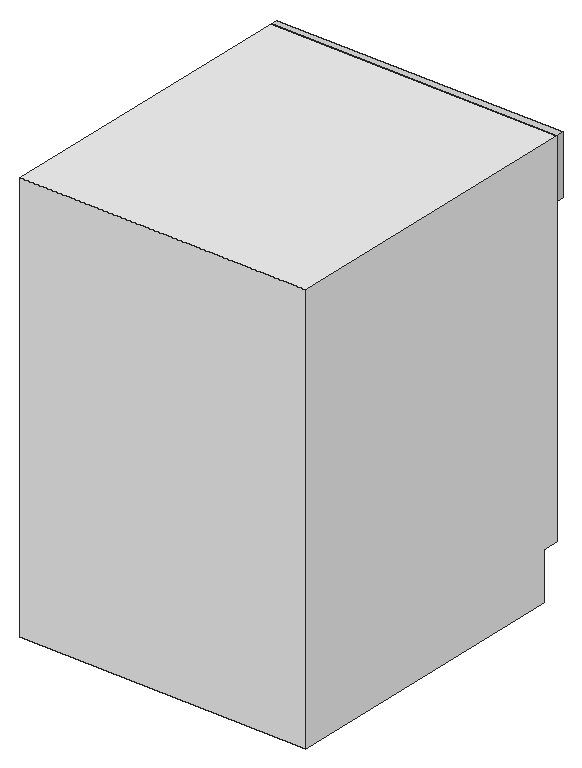
Revit family
Parameters (values of type "600 x 660 x 864mm")
  Label = "DW"
  Depth = 660 mm
  Material = Metal - Steel
  Height = 864 mm
  Plinth Depth = 35 mm
  Plinth Height = 100 mm
  Width = 600 mm
Types (4, lengths in mm): name | Depth | Height | Plinth Height | Width
  (no name) | 660 | 864 | 100 | 600
  596 x 860 x 550mm | 550 | 900 | 160 | 596
  446 x 860 x 550mm | 550 | 900 | 160 | 446
  600 x 660 x 864mm | 660 | 864 | 100 | 600
Reference planes
  plane 1: y = 0
  plane 2 "Center": x = -151.314
  plane 3: y = 786.2
  plane 4 "Right": x = 148.686
  plane 5 "Left": x = -451.314
  plane 6: y = 126.2
  plane 7: z = 100
  plane 8: y = 751.2
  plane 9: z = 864
  plane 10: z = 783.128
  plane 11: x = -76.314
  plane 12: x = -226.314
  plane 13: z = 827.128
  plane 14: z = 805.128
  plane 15: x = -376.314
  plane 16: x = 119.995
  plane 17: x = 84.995
  plane 18: x = 49.995
  plane 19: x = 14.995
  plane 20: y = 456.2
Forms (mm)
  Extrusion 1, solid, material "Metal - Steel" <- "Material"
    sketch origin (-451.314, 0, 0) x (0, -1, 0) y (0, 0, 1)
      loop
        line (-126.2, 864) -> (-786.2, 864) -> (-786.2, 100) -> (-751.2, 100) -> (-751.2, 0) -> (-126.2, 0) -> (-126.2, 864)
    from -600 to 0
  Extrusion 2, solid, material "Metal - Stainless Steel, Polished"
    sketch origin (-451.314, 786.2, 864) x (1, 0, 0) y (0, 0, -1)
      loop
        line (0, 124) -> (0, 0) -> (600, 0) -> (600, 124) -> (0, 124)
    from 0 to 15
  Extrusion 3, solid, material "Metal - Paint Finish - Ivory, Glossy"
    sketch origin (-451.314, 786.2, 864) x (1, 0, 0) y (0, 0, -1)
      loop
        line (225, 36.872) -> (375, 36.872) -> (375, 80.872) -> (225, 80.872) -> (225, 36.872)
      loop
        line (466.309, 36.872) -> (501.309, 36.872) -> (501.309, 80.872) -> (466.309, 80.872) -> (466.309, 36.872)
      loop
        line (571.309, 80.872) -> (542.659, 80.872) -> (542.659, 36.872) -> (571.309, 36.872) -> (571.309, 80.872)
      loop
        circle (75, 58.872) r 17
      loop
        line (536.309, 36.872) -> (536.309, 80.872) -> (507.659, 80.872) -> (507.659, 36.872) -> (536.309, 36.872)
    from 15 to 20
Lines and regions (mm)
  symbolic lines
    curve 1: line (-451.314, 786.2, 0) -> (148.686, 786.2, 0)
    curve 2: line (-451.314, 126.2, 0) -> (-451.314, 786.2, 0)
    curve 3: line (148.686, 126.2, 0) -> (-451.314, 126.2, 0)
    curve 4: line (148.686, 786.2, 0) -> (148.686, 126.2, 0)
    curve 5: line (-451.314, 766.2, 0) -> (148.686, 766.2, 0)
Text (mm)
  text "Placement Side" at (0, 326.927, 1980.496), in view "Right"
  text "Placement Side" at (-829.709, 1786.558, 0), in view "Ref. Level"
  text "Placement Side" at (0, 1206.291, 1743.899), in view "Left"
Dimensions and locks
  "Depth": plane 6 to plane 3
  "Width": plane 5 "Left" to plane 4 "Right"
  equal spacing: plane 5 "Left", plane 2 "Center", plane 4 "Right"
  locked: plane 6 to host wall at 50
  "Plinth Depth": plane 3 to plane 8
  "Plinth Height": level to plane 7
  "Height": level to plane 9
  equal spacing: plane 12, plane 2 "Center", plane 11
  equal spacing: plane 10, plane 14, plane 13
  plane 13 to plane 9 = 36.872 mm
  plane 16 to plane 4 "Right" = 28.691 mm
  plane 5 "Left" to plane 15 = 75 mm
  plane 19 to plane 18 to plane 17 to plane 16 = 35 mm, 35 mm, 35 mm
  equal spacing: plane 6, plane 20, plane 3
  aligned and locked: Extrusion 1 to plane 5 "Left"
  aligned and locked: Extrusion 1 to plane 4 "Right"
  aligned and locked: plane 5 "Left" to Extrusion 1
  aligned and locked: curve 1 to Extrusion 1
  aligned and locked: curve 4 to Extrusion 1  (x2)
  aligned and locked: Extrusion 3 sketch curve to plane 11
  aligned and locked: plane 10 to Extrusion 3 sketch curve
  aligned and locked: Extrusion 3 to Extrusion 2
Automatic sketch dimensions
  Extrusion 1 sketch curve to plane 3 = 0 mm
  Extrusion 1 sketch curve to plane 7 = 0 mm
  Extrusion 1 sketch curve to plane 8 = 0 mm
  Extrusion 1 sketch curve to level = 0 mm
  Extrusion 1 sketch curve to plane 6 = 0 mm
  Extrusion 1 sketch curve to plane 9 = 0 mm
  curve 5 to curve 1 = 20 mm
  curve 4 to plane 3 = 0 mm
  Extrusion 2 sketch curve to plane 5 "Left" = 0 mm
  Extrusion 2 sketch curve to plane 4 "Right" = 0 mm
  Extrusion 2 sketch curve to plane 9 = 0 mm
  plane 10 to Extrusion 2 sketch curve = 43.128 mm
  Extrusion 3 sketch curve to plane 14 = 0 mm
  Extrusion 3 sketch curve to plane 15 = 0 mm
  Extrusion 3 sketch curve to plane 10 = 0 mm  (x3)
  Extrusion 3 sketch curve to plane 12 = 0 mm
  Extrusion 3 sketch curve to plane 19 = 0 mm
  Extrusion 3 sketch curve to plane 13 = 0 mm  (x4)
  Extrusion 3 sketch curve to plane 17 = 0 mm
  Extrusion 3 sketch curve to plane 16 = 0 mm
  plane 15 to Extrusion 3 sketch curve = 17 mm
  Extrusion 3 sketch curve to Extrusion 3 sketch curve = 6.35 mm  (x2)
  plane 18 to Extrusion 3 sketch curve = 0 mm
Nested families
  nested 1: "M_Label Annotation" at (-151.314, 456.2, 0), type "M_Label Annotation", detail levels medium+fine
Definition of nested family "M_Label Annotation"
  Parameters
    Label = ""
  Reference planes
    plane 1: y = 0
    plane 2: x = 0
  Text (mm)
    label "Label" at (0.007, 0.129, 0), shows "Label"
